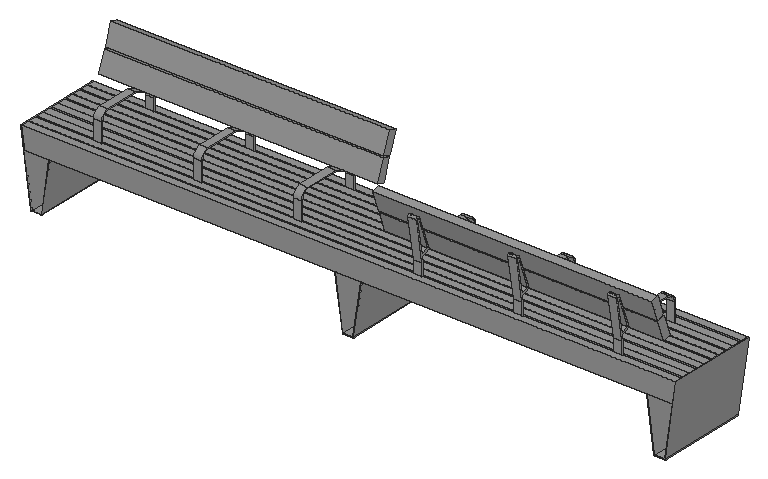
Revit family "22448 Скамейка стальная «Симпозиум» Хоббика", category Антураж, Revit 2018
Family settings
  На основе рабочей плоскости = Нет
  Всегда вертикально = Да
  При загрузке вырезать с полостями = Нет
  Источник визуального образа = Геометрия семейства
  Общий = Нет
  Точка расчета площади = Нет
Parameters (values of type "Версия 4,0 м (двухсторонняя, с подлокотниками и разделителями)")
  Ширина = 550 mm  # constant formula
  Цвет основания = Сталь
  Цвет лавки = Дерево
  Описание = if([Версия 2,0 м (без подлокотников)], "Скамейка стальная «Симпозиум». Версия 2,0 м без подлокотников", if([Версия 2,0 м (с подлокотниками)], "Скамейка стальная «Симпозиум». Версия 2,0 м с подлокотниками", if([Версия 2,0 м (с подлокотниками и разделителем)], "Скамейка стальная «Симпозиум». Версия 2,0 м с подлокотниками и разделителем", if([Версия 4,0 м (двухсторонняя, без подлокотников)], "Скамейка стальная «Симпозиум». Версия 4,0 м двухсторонняя, без подлокотников", if([Версия 4,0 м (двухсторонняя, с подлокотниками)], "Скамейка стальная «Симпозиум». Версия 4,0 м двухсторонняя, с подлокотниками", "Скамейка стальная «Симпозиум». Версия 4,0 м двухсторонняя, с подлокотниками и разделителями")))))  # "Скамейка стальная «Симпозиум». Версия 4,0 м двухсторонняя, с подлокотниками и разделителями"
  Материал изделия = "Сталь, дерево"  # constant formula
  Изображение типоразмера = Скамейка стальная «Симпозиум» 4,0 м Арт 22448 2П+Р.jpg
  Изготовитель = "ООО «Хоббика»"  # constant formula
  Длина = if(or([Версия 2,0 м (без подлокотников)], [Версия 2,0 м (с подлокотниками)], [Версия 2,0 м (с подлокотниками и разделителем)]), 2000 mm, 4000 mm)  # 4000 mm
  Группа модели = "Скамейки"  # constant formula
  Высота = 850 mm  # constant formula
  Версия 4,0 м (двухсторонняя, с подлокотниками) = no
  Версия 4,0 м (двухсторонняя, с подлокотниками и разделителями) = yes
  Версия 4,0 м (двухсторонняя, без подлокотников) = no
  Версия 2,0 м (с подлокотниками) = no
  Версия 2,0 м (с подлокотниками и разделителем) = no
  Версия 2,0 м (без подлокотников) = no
  Артикул товара = "Арт. 22448"  # constant formula
  URL = "https://hobbyka.ru/product/skameyka_so_spinkoy_simpozium/"
Types (7, lengths in mm): name | Описание | Изображение типоразмера | Длина | Версия 4,0 м (двухсторонняя, с подлокотниками) | Версия 4,0 м (двухсторонняя, с подлокотниками и разделителями) | Версия 4,0 м (двухсторонняя, без подлокотников) | Версия 2,0 м (с подлокотниками) | Версия 2,0 м (с подлокотниками и разделителем) | Версия 2,0 м (без подлокотников)
  (no name) | "Скамейка стальная «Симпозиум». Версия 4,0 м двухсторонняя, с подлокотниками и разделителями" | Скамейка стальная «Симпозиум» 4,0 м Арт 22448 2П+Р.jpg | 4000 | no | yes | no | no | no | no
  Версия 2,0 м (без подлокотников) | "Скамейка стальная «Симпозиум». Версия 2,0 м без подлокотников" | Скамейка стальная «Симпозиум» 2,0 м Арт 22448 БП.jpg | 2000 | no | no | no | no | no | yes
  Версия 2,0 м (с подлокотниками) | "Скамейка стальная «Симпозиум». Версия 2,0 м с подлокотниками" | Скамейка стальная «Симпозиум» 2,0 м Арт 22448 2П.jpg | 2000 | no | no | no | yes | no | no
  Версия 2,0 м (с подлокотниками и разделителем) | "Скамейка стальная «Симпозиум». Версия 2,0 м с подлокотниками и разделителем" | Скамейка стальная «Симпозиум» 2,0 м Арт 22448 2П+Р.jpg | 2000 | no | no | no | no | yes | no
  Версия 4,0 м (двухсторонняя, без подлокотников) | "Скамейка стальная «Симпозиум». Версия 4,0 м двухсторонняя, без подлокотников" | Скамейка стальная «Симпозиум» 4,0 м Арт 22448 БП.jpg | 4000 | no | no | yes | no | no | no
  Версия 4,0 м (двухсторонняя, с подлокотниками) | "Скамейка стальная «Симпозиум». Версия 4,0 м двухсторонняя, с подлокотниками" | Скамейка стальная «Симпозиум» 4,0 м Арт 22448 2П+Р.jpg | 4000 | yes | no | no | no | no | no
  Версия 4,0 м (двухсторонняя, с подлокотниками и разделителями) | "Скамейка стальная «Симпозиум». Версия 4,0 м двухсторонняя, с подлокотниками и разделителями" | Скамейка стальная «Симпозиум» 4,0 м Арт 22448 2П+Р.jpg | 4000 | no | yes | no | no | no | no
Reference planes
  plane 1 "По центру (Вперед/Назад)": y = 0
  plane 2: z = 0
  plane 3 "По центру (Влево/Вправо)": x = 0
  plane 4: x = 4000
  plane 5: y = 550
  plane 6: z = 850
Dimensions and locks
  "Длина": plane 3 "По центру (Влево/Вправо)" to plane 4
  "Ширина": plane 5 to plane 1 "По центру (Вперед/Назад)"
  "Высота": plane 6 to plane 2
  aligned and locked: level to plane 2
  aligned and locked: plane 1 "По центру (Вперед/Назад)" to nested 1
  aligned and locked: plane 3 "По центру (Влево/Вправо)" to nested 1
  aligned and locked: plane 1 "По центру (Вперед/Назад)" to nested 2
  aligned and locked: plane 3 "По центру (Влево/Вправо)" to nested 2
  aligned and locked: plane 1 "По центру (Вперед/Назад)" to nested 3
  aligned and locked: plane 3 "По центру (Влево/Вправо)" to nested 3
  aligned and locked: plane 1 "По центру (Вперед/Назад)" to nested 4
  aligned and locked: plane 3 "По центру (Влево/Вправо)" to nested 4
  aligned and locked: plane 1 "По центру (Вперед/Назад)" to nested 5
  aligned and locked: plane 3 "По центру (Влево/Вправо)" to nested 5
  aligned and locked: plane 1 "По центру (Вперед/Назад)" to nested 6
  aligned and locked: plane 3 "По центру (Влево/Вправо)" to nested 6
Nested families
  nested 1: "Скамейка стальная «Симпозиум» 2,0 м БП" at (0, 0, 0), visible <- "Версия 2,0 м (без подлокотников)", type "Скамейка стальная «Симпозиум» 2,0 м БП"
  nested 2: "Скамейка стальная «Симпозиум» 2,0 м 2П" at (0, 0, 0), visible <- "Версия 2,0 м (с подлокотниками)", type "Скамейка стальная «Симпозиум» 2,0 м 2П"
  nested 3: "Скамейка стальная «Симпозиум» 2,0 м 2П+Р" at (0, 0, 0), visible <- "Версия 2,0 м (с подлокотниками и разделителем)", type "Скамейка стальная «Симпозиум» 2,0 м 2П+Р"
  nested 4: "Скамейка стальная «Симпозиум» 4,0 м 2П" at (0, 0, 0), visible <- "Версия 4,0 м (двухсторонняя, с подлокотниками)", type "Скамейка стальная «Симпозиум» 4,0 м 2П"
  nested 5: "Скамейка стальная «Симпозиум» 4,0 м 2П+Р" at (0, 0, 0), visible <- "Версия 4,0 м (двухсторонняя, с подлокотниками и разделителями)", type "Скамейка стальная «Симпозиум» 4,0 м 2П+Р"
  nested 6: "Скамейка стальная «Симпозиум» 4,0 м БП" at (0, 0, 0), visible <- "Версия 4,0 м (двухсторонняя, без подлокотников)", type "Скамейка стальная «Симпозиум» 4,0 м БП"
Definition of nested family "Скамейка стальная «Симпозиум» 2,0 м БП"
  Parameters (values of type "Скамейка стальная «Симпозиум» 2,0 м БП")
    Цвет основания = none
    Цвет лавки = none
    Height = 0 mm
  Reference planes
    plane 1 "По центру (Вперед/Назад)": y = 0
    plane 2: z = 0
    plane 3 "По центру (Влево/Вправо)": x = 0
    plane 4: x = 2000
    plane 5: y = 550
    plane 6: z = 850
  Forms (mm)
    Extrusion 1, solid, material <- "Цвет основания"
      sketch origin (0, 0, 0) x (1, 0, 0) y (0, 0, 1)
        loop
          line (0, 450) -> (62.638, 4.304)
          arc (62.638, 4.304) -> (64.31, 1.226) -> (67.59, 0) r 5
          line (67.59, 0) -> (128.897, 0)
          arc (128.897, 0) -> (132.177, 1.226) -> (133.848, 4.304) r 5
          line (133.848, 4.304) -> (178.216, 320) -> (173.167, 320) -> (128.897, 5) -> (67.59, 5) -> (5.049, 450) -> (0, 450)
        loop
          line (2000, 450) -> (1994.951, 450) -> (1932.41, 5) -> (1871.103, 5) -> (1826.833, 320) -> (1821.784, 320) -> (1866.152, 4.304)
          arc (1866.152, 4.304) -> (1867.823, 1.226) -> (1871.103, 0) r 5
          line (1871.103, 0) -> (1932.41, 0)
          arc (1932.41, 0) -> (1935.69, 1.226) -> (1937.362, 4.304) r 5
          line (1937.362, 4.304) -> (2000, 450)
      from 0 to -550
    Extrusion 2, solid, material <- "Цвет лавки"
      sketch origin (0, 0, 0) x (1, 0, 0) y (0, 0, 1)
        loop
          line (5.049, 450) -> (23.319, 320) -> (1976.681, 320) -> (1994.951, 450) -> (5.049, 450)
      from 0 to -45
    Extrusion 3, solid, material <- "Цвет лавки"
      sketch origin (0, 0, 0) x (1, 0, 0) y (0, 0, 1)
        loop
          line (5.049, 450) -> (23.319, 320) -> (1976.681, 320) -> (1994.951, 450) -> (5.049, 450)
      from -56.111 to -101.111
    Extrusion 4, solid, material <- "Цвет лавки"
      sketch origin (0, 0, 0) x (1, 0, 0) y (0, 0, 1)
        loop
          line (5.049, 450) -> (23.319, 320) -> (1976.681, 320) -> (1994.951, 450) -> (5.049, 450)
      from -112.222 to -157.222
    Extrusion 5, solid, material <- "Цвет лавки"
      sketch origin (0, 0, 0) x (1, 0, 0) y (0, 0, 1)
        loop
          line (5.049, 450) -> (23.319, 320) -> (1976.681, 320) -> (1994.951, 450) -> (5.049, 450)
      from -168.333 to -213.333
    Extrusion 6, solid, material <- "Цвет лавки"
      sketch origin (0, 0, 0) x (1, 0, 0) y (0, 0, 1)
        loop
          line (5.049, 450) -> (23.319, 320) -> (1976.681, 320) -> (1994.951, 450) -> (5.049, 450)
      from -224.444 to -269.444
    Extrusion 7, solid, material <- "Цвет лавки"
      sketch origin (0, 0, 0) x (1, 0, 0) y (0, 0, 1)
        loop
          line (5.049, 450) -> (23.319, 320) -> (1976.681, 320) -> (1994.951, 450) -> (5.049, 450)
      from -280.556 to -325.556
    Extrusion 8, solid, material <- "Цвет лавки"
      sketch origin (0, 0, 0) x (1, 0, 0) y (0, 0, 1)
        loop
          line (5.049, 450) -> (23.319, 320) -> (1976.681, 320) -> (1994.951, 450) -> (5.049, 450)
      from -336.667 to -381.667
    Extrusion 9, solid
      sketch origin (0, 0, 0) x (1, 0, 0) y (0, 0, 1)
        loop
          line (5.049, 450) -> (23.319, 320) -> (1976.681, 320) -> (1994.951, 450) -> (5.049, 450)
      from -392.778 to -437.778
    Extrusion 10, solid, material <- "Цвет лавки"
      sketch origin (0, 0, 0) x (1, 0, 0) y (0, 0, 1)
        loop
          line (5.049, 450) -> (23.319, 320) -> (1976.681, 320) -> (1994.951, 450) -> (5.049, 450)
      from -448.889 to -493.889
    Extrusion 11, solid, material <- "Цвет лавки"
      sketch origin (0, 0, 0) x (1, 0, 0) y (0, 0, 1)
        loop
          line (5.049, 450) -> (23.319, 320) -> (1976.681, 320) -> (1994.951, 450) -> (5.049, 450)
      from -505 to -550
    Extrusion 12, solid, material <- "Цвет лавки"
      sketch origin (0, -154.124, 185.599) x (0, 0.939693, -0.34202) y (0, 0.34202, 0.939693)
        loop
          line (392.778, 850) -> (392.778, 720) -> (437.778, 720) -> (437.778, 850) -> (392.778, 850)
        loop
          line (392.778, 710) -> (392.778, 580) -> (437.778, 580) -> (437.778, 710) -> (392.778, 710)
      from 150 to 1850
    Extrusion 13, solid, material <- "Цвет основания"
      sketch origin (0, 6.111, 0) x (0, 1, 0) y (0, 0, 1)
        loop
          line (528.144, 782.309) -> (455.922, 583.88) -> (501.527, 567.282) -> (538.697, 778.084)
          arc (538.697, 778.084) -> (535.063, 784.299) -> (528.144, 782.309) r 5.865
        loop
          arc (543.637, 777.305) -> (536.599, 789.064) -> (523.65, 784.58) r 10.865
          line (523.65, 784.58) -> (449.513, 580.892) -> (500.645, 562.282) -> (493.889, 523.964) -> (493.889, 320) -> (498.889, 320) -> (498.889, 523.526) -> (543.637, 777.305)
      from 365 to 415
    Extrusion 14, solid, material <- "Цвет основания"
      sketch origin (0, 6.111, 0) x (0, 1, 0) y (0, 0, 1)
        loop
          arc (543.637, 777.305) -> (536.599, 789.064) -> (523.65, 784.58) r 10.865
          line (523.65, 784.58) -> (449.513, 580.892) -> (500.645, 562.282) -> (493.889, 523.964) -> (493.889, 320) -> (498.889, 320) -> (498.889, 523.526) -> (543.637, 777.305)
        loop
          line (528.144, 782.309) -> (455.922, 583.88) -> (501.527, 567.282) -> (538.697, 778.084)
          arc (538.697, 778.084) -> (535.063, 784.299) -> (528.144, 782.309) r 5.865
      from 975 to 1025
    Extrusion 15, solid, material <- "Цвет основания"
      sketch origin (0, 6.111, 0) x (0, 1, 0) y (0, 0, 1)
        loop
          arc (538.697, 778.084) -> (535.063, 784.299) -> (528.144, 782.309) r 5.865
          line (528.144, 782.309) -> (455.922, 583.88) -> (501.527, 567.282) -> (538.697, 778.084)
        loop
          line (493.889, 320) -> (498.889, 320) -> (498.889, 523.526) -> (543.637, 777.305)
          arc (543.637, 777.305) -> (536.599, 789.064) -> (523.65, 784.58) r 10.865
          line (523.65, 784.58) -> (449.513, 580.892) -> (500.645, 562.282) -> (493.889, 523.964) -> (493.889, 320)
      from 1585 to 1635
  Lines and regions (mm)
    symbolic lines
      curve 1: line (0, 0, 450) -> (0, 0, 690)
  Dimensions and locks
    plane 5 to plane 1 "По центру (Вперед/Назад)" = 550 mm
    plane 3 "По центру (Влево/Вправо)" to plane 4 = 2000 mm
    plane 6 to plane 2 = 850 mm
    aligned and locked: level to plane 2
Definition of nested family "Скамейка стальная «Симпозиум» 2,0 м 2П"
  Parameters (values of type "Скамейка стальная «Симпозиум» 2,0 м 2П")
    Цвет основания = none
    Цвет лавки = none
    Height = 0 mm
  Reference planes
    plane 1 "По центру (Вперед/Назад)": y = 0
    plane 2: z = 0
    plane 3 "По центру (Влево/Вправо)": x = 0
    plane 4: x = 2000
    plane 5: y = 550
    plane 6: z = 850
  Forms (mm)
    Extrusion 1, solid, material <- "Цвет основания"
      sketch origin (0, 0, 0) x (1, 0, 0) y (0, 0, 1)
        loop
          line (0, 450) -> (62.638, 4.304)
          arc (62.638, 4.304) -> (64.31, 1.226) -> (67.59, 0) r 5
          line (67.59, 0) -> (128.897, 0)
          arc (128.897, 0) -> (132.177, 1.226) -> (133.848, 4.304) r 5
          line (133.848, 4.304) -> (178.216, 320) -> (173.167, 320) -> (128.897, 5) -> (67.59, 5) -> (5.049, 450) -> (0, 450)
        loop
          line (2000, 450) -> (1994.951, 450) -> (1932.41, 5) -> (1871.103, 5) -> (1826.833, 320) -> (1821.784, 320) -> (1866.152, 4.304)
          arc (1866.152, 4.304) -> (1867.823, 1.226) -> (1871.103, 0) r 5
          line (1871.103, 0) -> (1932.41, 0)
          arc (1932.41, 0) -> (1935.69, 1.226) -> (1937.362, 4.304) r 5
          line (1937.362, 4.304) -> (2000, 450)
      from 0 to -550
    Extrusion 2, solid, material <- "Цвет лавки"
      sketch origin (0, 0, 0) x (1, 0, 0) y (0, 0, 1)
        loop
          line (5.049, 450) -> (23.319, 320) -> (1976.681, 320) -> (1994.951, 450) -> (5.049, 450)
      from 0 to -45
    Extrusion 3, solid, material <- "Цвет лавки"
      sketch origin (0, 0, 0) x (1, 0, 0) y (0, 0, 1)
        loop
          line (5.049, 450) -> (23.319, 320) -> (1976.681, 320) -> (1994.951, 450) -> (5.049, 450)
      from -56.111 to -101.111
    Extrusion 4, solid, material <- "Цвет лавки"
      sketch origin (0, 0, 0) x (1, 0, 0) y (0, 0, 1)
        loop
          line (5.049, 450) -> (23.319, 320) -> (1976.681, 320) -> (1994.951, 450) -> (5.049, 450)
      from -112.222 to -157.222
    Extrusion 5, solid, material <- "Цвет лавки"
      sketch origin (0, 0, 0) x (1, 0, 0) y (0, 0, 1)
        loop
          line (5.049, 450) -> (23.319, 320) -> (1976.681, 320) -> (1994.951, 450) -> (5.049, 450)
      from -168.333 to -213.333
    Extrusion 6, solid, material <- "Цвет лавки"
      sketch origin (0, 0, 0) x (1, 0, 0) y (0, 0, 1)
        loop
          line (5.049, 450) -> (23.319, 320) -> (1976.681, 320) -> (1994.951, 450) -> (5.049, 450)
      from -224.444 to -269.444
    Extrusion 7, solid, material <- "Цвет лавки"
      sketch origin (0, 0, 0) x (1, 0, 0) y (0, 0, 1)
        loop
          line (5.049, 450) -> (23.319, 320) -> (1976.681, 320) -> (1994.951, 450) -> (5.049, 450)
      from -280.556 to -325.556
    Extrusion 8, solid, material <- "Цвет лавки"
      sketch origin (0, 0, 0) x (1, 0, 0) y (0, 0, 1)
        loop
          line (5.049, 450) -> (23.319, 320) -> (1976.681, 320) -> (1994.951, 450) -> (5.049, 450)
      from -336.667 to -381.667
    Extrusion 9, solid
      sketch origin (0, 0, 0) x (1, 0, 0) y (0, 0, 1)
        loop
          line (5.049, 450) -> (23.319, 320) -> (1976.681, 320) -> (1994.951, 450) -> (5.049, 450)
      from -392.778 to -437.778
    Extrusion 10, solid, material <- "Цвет лавки"
      sketch origin (0, 0, 0) x (1, 0, 0) y (0, 0, 1)
        loop
          line (5.049, 450) -> (23.319, 320) -> (1976.681, 320) -> (1994.951, 450) -> (5.049, 450)
      from -448.889 to -493.889
    Extrusion 11, solid, material <- "Цвет лавки"
      sketch origin (0, 0, 0) x (1, 0, 0) y (0, 0, 1)
        loop
          line (5.049, 450) -> (23.319, 320) -> (1976.681, 320) -> (1994.951, 450) -> (5.049, 450)
      from -505 to -550
    Extrusion 12, solid, material <- "Цвет лавки"
      sketch origin (0, -154.124, 185.599) x (0, 0.939693, -0.34202) y (0, 0.34202, 0.939693)
        loop
          line (392.778, 850) -> (392.778, 720) -> (437.778, 720) -> (437.778, 850) -> (392.778, 850)
        loop
          line (392.778, 710) -> (392.778, 580) -> (437.778, 580) -> (437.778, 710) -> (392.778, 710)
      from 150 to 1850
    Extrusion 13, solid, material <- "Цвет основания"
      sketch origin (0, 6.111, 0) x (0, 1, 0) y (0, 0, 1)
        loop
          line (528.144, 782.309) -> (455.922, 583.88) -> (501.527, 567.282) -> (538.697, 778.084)
          arc (538.697, 778.084) -> (535.063, 784.299) -> (528.144, 782.309) r 5.865
        loop
          arc (543.637, 777.305) -> (536.599, 789.064) -> (523.65, 784.58) r 10.865
          line (523.65, 784.58) -> (449.513, 580.892) -> (356.631, 614.698)
          arc (356.631, 614.698) -> (355.789, 614.924) -> (354.921, 615) r 5
          line (354.921, 615) -> (145, 615)
          arc (145, 615) -> (109.645, 600.355) -> (95, 565) r 50
          line (95, 565) -> (95, 320) -> (100, 320) -> (100, 565)
          arc (100, 565) -> (113.18, 596.82) -> (145, 610) r 45
          line (145, 610) -> (354.921, 610) -> (499.764, 557.282) -> (493.889, 523.964) -> (493.889, 320) -> (498.889, 320) -> (498.889, 523.526) -> (543.637, 777.305)
      from 365 to 415
    Extrusion 14, solid, material <- "Цвет основания"
      sketch origin (0, 6.111, 0) x (0, 1, 0) y (0, 0, 1)
        loop
          arc (543.637, 777.305) -> (536.599, 789.064) -> (523.65, 784.58) r 10.865
          line (523.65, 784.58) -> (449.513, 580.892) -> (500.645, 562.282) -> (493.889, 523.964) -> (493.889, 320) -> (498.889, 320) -> (498.889, 523.526) -> (543.637, 777.305)
        loop
          line (528.144, 782.309) -> (455.922, 583.88) -> (501.527, 567.282) -> (538.697, 778.084)
          arc (538.697, 778.084) -> (535.063, 784.299) -> (528.144, 782.309) r 5.865
      from 975 to 1025
    Extrusion 15, solid, material <- "Цвет основания"
      sketch origin (0, 6.111, 0) x (0, 1, 0) y (0, 0, 1)
        loop
          line (354.921, 615) -> (145, 615)
          arc (145, 615) -> (109.645, 600.355) -> (95, 565) r 50
          line (95, 565) -> (95, 320) -> (100, 320) -> (100, 565)
          arc (100, 565) -> (113.18, 596.82) -> (145, 610) r 45
          line (145, 610) -> (354.921, 610) -> (499.764, 557.282) -> (493.889, 523.964) -> (493.889, 320) -> (498.889, 320) -> (498.889, 523.526) -> (543.637, 777.305)
          arc (543.637, 777.305) -> (536.599, 789.064) -> (523.65, 784.58) r 10.865
          line (523.65, 784.58) -> (449.513, 580.892) -> (356.631, 614.698)
          arc (356.631, 614.698) -> (355.789, 614.924) -> (354.921, 615) r 5
        loop
          line (455.922, 583.88) -> (501.527, 567.282) -> (538.697, 778.084)
          arc (538.697, 778.084) -> (535.063, 784.299) -> (528.144, 782.309) r 5.865
          line (528.144, 782.309) -> (455.922, 583.88)
      from 1585 to 1635
  Lines and regions (mm)
    symbolic lines
      curve 1: line (0, 0, 450) -> (0, 0, 690)
  Dimensions and locks
    plane 5 to plane 1 "По центру (Вперед/Назад)" = 550 mm
    plane 3 "По центру (Влево/Вправо)" to plane 4 = 2000 mm
    plane 6 to plane 2 = 850 mm
    aligned and locked: level to plane 2
Definition of nested family "Скамейка стальная «Симпозиум» 2,0 м 2П+Р"
  Parameters (values of type "Скамейка стальная «Симпозиум» 2,0 м 2П+Р")
    Цвет основания = none
    Цвет лавки = none
    Height = 0 mm
  Reference planes
    plane 1 "По центру (Вперед/Назад)": y = 0
    plane 2: z = 0
    plane 3 "По центру (Влево/Вправо)": x = 0
    plane 4: x = 2000
    plane 5: y = 550
    plane 6: z = 850
  Forms (mm)
    Extrusion 1, solid, material <- "Цвет основания"
      sketch origin (0, 0, 0) x (1, 0, 0) y (0, 0, 1)
        loop
          line (0, 450) -> (62.638, 4.304)
          arc (62.638, 4.304) -> (64.31, 1.226) -> (67.59, 0) r 5
          line (67.59, 0) -> (128.897, 0)
          arc (128.897, 0) -> (132.177, 1.226) -> (133.848, 4.304) r 5
          line (133.848, 4.304) -> (178.216, 320) -> (173.167, 320) -> (128.897, 5) -> (67.59, 5) -> (5.049, 450) -> (0, 450)
        loop
          line (2000, 450) -> (1994.951, 450) -> (1932.41, 5) -> (1871.103, 5) -> (1826.833, 320) -> (1821.784, 320) -> (1866.152, 4.304)
          arc (1866.152, 4.304) -> (1867.823, 1.226) -> (1871.103, 0) r 5
          line (1871.103, 0) -> (1932.41, 0)
          arc (1932.41, 0) -> (1935.69, 1.226) -> (1937.362, 4.304) r 5
          line (1937.362, 4.304) -> (2000, 450)
      from 0 to -550
    Extrusion 2, solid, material <- "Цвет лавки"
      sketch origin (0, 0, 0) x (1, 0, 0) y (0, 0, 1)
        loop
          line (5.049, 450) -> (23.319, 320) -> (1976.681, 320) -> (1994.951, 450) -> (5.049, 450)
      from 0 to -45
    Extrusion 3, solid, material <- "Цвет лавки"
      sketch origin (0, 0, 0) x (1, 0, 0) y (0, 0, 1)
        loop
          line (5.049, 450) -> (23.319, 320) -> (1976.681, 320) -> (1994.951, 450) -> (5.049, 450)
      from -56.111 to -101.111
    Extrusion 4, solid, material <- "Цвет лавки"
      sketch origin (0, 0, 0) x (1, 0, 0) y (0, 0, 1)
        loop
          line (5.049, 450) -> (23.319, 320) -> (1976.681, 320) -> (1994.951, 450) -> (5.049, 450)
      from -112.222 to -157.222
    Extrusion 5, solid, material <- "Цвет лавки"
      sketch origin (0, 0, 0) x (1, 0, 0) y (0, 0, 1)
        loop
          line (5.049, 450) -> (23.319, 320) -> (1976.681, 320) -> (1994.951, 450) -> (5.049, 450)
      from -168.333 to -213.333
    Extrusion 6, solid, material <- "Цвет лавки"
      sketch origin (0, 0, 0) x (1, 0, 0) y (0, 0, 1)
        loop
          line (5.049, 450) -> (23.319, 320) -> (1976.681, 320) -> (1994.951, 450) -> (5.049, 450)
      from -224.444 to -269.444
    Extrusion 7, solid, material <- "Цвет лавки"
      sketch origin (0, 0, 0) x (1, 0, 0) y (0, 0, 1)
        loop
          line (5.049, 450) -> (23.319, 320) -> (1976.681, 320) -> (1994.951, 450) -> (5.049, 450)
      from -280.556 to -325.556
    Extrusion 8, solid, material <- "Цвет лавки"
      sketch origin (0, 0, 0) x (1, 0, 0) y (0, 0, 1)
        loop
          line (5.049, 450) -> (23.319, 320) -> (1976.681, 320) -> (1994.951, 450) -> (5.049, 450)
      from -336.667 to -381.667
    Extrusion 9, solid
      sketch origin (0, 0, 0) x (1, 0, 0) y (0, 0, 1)
        loop
          line (5.049, 450) -> (23.319, 320) -> (1976.681, 320) -> (1994.951, 450) -> (5.049, 450)
      from -392.778 to -437.778
    Extrusion 10, solid, material <- "Цвет лавки"
      sketch origin (0, 0, 0) x (1, 0, 0) y (0, 0, 1)
        loop
          line (5.049, 450) -> (23.319, 320) -> (1976.681, 320) -> (1994.951, 450) -> (5.049, 450)
      from -448.889 to -493.889
    Extrusion 11, solid, material <- "Цвет лавки"
      sketch origin (0, 0, 0) x (1, 0, 0) y (0, 0, 1)
        loop
          line (5.049, 450) -> (23.319, 320) -> (1976.681, 320) -> (1994.951, 450) -> (5.049, 450)
      from -505 to -550
    Extrusion 12, solid, material <- "Цвет лавки"
      sketch origin (0, -154.124, 185.599) x (0, 0.939693, -0.34202) y (0, 0.34202, 0.939693)
        loop
          line (392.778, 850) -> (392.778, 720) -> (437.778, 720) -> (437.778, 850) -> (392.778, 850)
        loop
          line (392.778, 710) -> (392.778, 580) -> (437.778, 580) -> (437.778, 710) -> (392.778, 710)
      from 150 to 1850
    Extrusion 13, solid, material <- "Цвет основания"
      sketch origin (0, 6.111, 0) x (0, 1, 0) y (0, 0, 1)
        loop
          line (528.144, 782.309) -> (455.922, 583.88) -> (501.527, 567.282) -> (538.697, 778.084)
          arc (538.697, 778.084) -> (535.063, 784.299) -> (528.144, 782.309) r 5.865
        loop
          arc (543.637, 777.305) -> (536.599, 789.064) -> (523.65, 784.58) r 10.865
          line (523.65, 784.58) -> (449.513, 580.892) -> (356.631, 614.698)
          arc (356.631, 614.698) -> (355.789, 614.924) -> (354.921, 615) r 5
          line (354.921, 615) -> (145, 615)
          arc (145, 615) -> (109.645, 600.355) -> (95, 565) r 50
          line (95, 565) -> (95, 320) -> (100, 320) -> (100, 565)
          arc (100, 565) -> (113.18, 596.82) -> (145, 610) r 45
          line (145, 610) -> (354.921, 610) -> (499.764, 557.282) -> (493.889, 523.964) -> (493.889, 320) -> (498.889, 320) -> (498.889, 523.526) -> (543.637, 777.305)
      from 365 to 415
    Extrusion 14, solid, material <- "Цвет основания"
      sketch origin (0, 6.111, 0) x (0, 1, 0) y (0, 0, 1)
        loop
          line (528.144, 782.309) -> (455.922, 583.88) -> (501.527, 567.282) -> (538.697, 778.084)
          arc (538.697, 778.084) -> (535.063, 784.299) -> (528.144, 782.309) r 5.865
        loop
          arc (145, 615) -> (109.645, 600.355) -> (95, 565) r 50
          line (95, 565) -> (95, 320) -> (100, 320) -> (100, 565)
          arc (100, 565) -> (113.18, 596.82) -> (145, 610) r 45
          line (145, 610) -> (354.921, 610) -> (499.764, 557.282) -> (493.889, 523.964) -> (493.889, 320) -> (498.889, 320) -> (498.889, 523.526) -> (543.637, 777.305)
          arc (543.637, 777.305) -> (536.599, 789.064) -> (523.65, 784.58) r 10.865
          line (523.65, 784.58) -> (449.513, 580.892) -> (356.631, 614.698)
          arc (356.631, 614.698) -> (355.789, 614.924) -> (354.921, 615) r 5
          line (354.921, 615) -> (145, 615)
      from 975 to 1025
    Extrusion 15, solid, material <- "Цвет основания"
      sketch origin (0, 6.111, 0) x (0, 1, 0) y (0, 0, 1)
        loop
          line (354.921, 615) -> (145, 615)
          arc (145, 615) -> (109.645, 600.355) -> (95, 565) r 50
          line (95, 565) -> (95, 320) -> (100, 320) -> (100, 565)
          arc (100, 565) -> (113.18, 596.82) -> (145, 610) r 45
          line (145, 610) -> (354.921, 610) -> (499.764, 557.282) -> (493.889, 523.964) -> (493.889, 320) -> (498.889, 320) -> (498.889, 523.526) -> (543.637, 777.305)
          arc (543.637, 777.305) -> (536.599, 789.064) -> (523.65, 784.58) r 10.865
          line (523.65, 784.58) -> (449.513, 580.892) -> (356.631, 614.698)
          arc (356.631, 614.698) -> (355.789, 614.924) -> (354.921, 615) r 5
        loop
          line (455.922, 583.88) -> (501.527, 567.282) -> (538.697, 778.084)
          arc (538.697, 778.084) -> (535.063, 784.299) -> (528.144, 782.309) r 5.865
          line (528.144, 782.309) -> (455.922, 583.88)
      from 1585 to 1635
  Lines and regions (mm)
    symbolic lines
      curve 1: line (0, 0, 450) -> (0, 0, 690)
  Dimensions and locks
    plane 5 to plane 1 "По центру (Вперед/Назад)" = 550 mm
    plane 3 "По центру (Влево/Вправо)" to plane 4 = 2000 mm
    plane 6 to plane 2 = 850 mm
    aligned and locked: level to plane 2
Definition of nested family "Скамейка стальная «Симпозиум» 4,0 м 2П"
  Parameters (values of type "Скамейка стальная «Симпозиум» 4,0 м 2П")
    Цвет основания = none
    Цвет лавки = none
    Height = 0 mm
  Reference planes
    plane 1 "По центру (Вперед/Назад)": y = 0
    plane 2: z = 0
    plane 3 "По центру (Влево/Вправо)": x = 0
    plane 4: x = 4000
    plane 5: y = 550
    plane 6: z = 850
  Forms (mm)
    Extrusion 1, solid, material <- "Цвет основания"
      sketch origin (0, 0, 0) x (1, 0, 0) y (0, 0, 1)
        loop
          line (0, 450) -> (62.638, 4.304)
          arc (62.638, 4.304) -> (64.31, 1.226) -> (67.59, 0) r 5
          line (67.59, 0) -> (128.897, 0)
          arc (128.897, 0) -> (132.177, 1.226) -> (133.848, 4.304) r 5
          line (133.848, 4.304) -> (178.216, 320) -> (173.167, 320) -> (128.897, 5) -> (67.59, 5) -> (5.049, 450) -> (0, 450)
        loop
          line (2079.973, 320) -> (2074.924, 320) -> (2030.654, 5) -> (1969.346, 5) -> (1925.076, 320) -> (1920.027, 320) -> (1964.395, 4.304)
          arc (1964.395, 4.304) -> (1966.066, 1.226) -> (1969.346, 0) r 5
          line (1969.346, 0) -> (2030.654, 0)
          arc (2030.654, 0) -> (2033.934, 1.226) -> (2035.605, 4.304) r 5
          line (2035.605, 4.304) -> (2079.973, 320)
        loop
          line (4000, 450) -> (3994.951, 450) -> (3932.41, 5) -> (3871.103, 5) -> (3826.833, 320) -> (3821.784, 320) -> (3866.152, 4.304)
          arc (3866.152, 4.304) -> (3867.823, 1.226) -> (3871.103, 0) r 5
          line (3871.103, 0) -> (3932.41, 0)
          arc (3932.41, 0) -> (3935.69, 1.226) -> (3937.362, 4.304) r 5
          line (3937.362, 4.304) -> (4000, 450)
      from 0 to -550
    Extrusion 2, solid, material <- "Цвет лавки"
      sketch origin (0, 0, 0) x (1, 0, 0) y (0, 0, 1)
        loop
          line (5.049, 450) -> (23.319, 320) -> (3976.681, 320) -> (3994.951, 450) -> (5.049, 450)
      from 0 to -45
    Extrusion 3, solid, material <- "Цвет лавки"
      sketch origin (0, 0, 0) x (1, 0, 0) y (0, 0, 1)
        loop
          line (5.049, 450) -> (23.319, 320) -> (3976.681, 320) -> (3994.951, 450) -> (5.049, 450)
      from -56.111 to -101.111
    Extrusion 4, solid, material <- "Цвет лавки"
      sketch origin (0, 0, 0) x (1, 0, 0) y (0, 0, 1)
        loop
          line (5.049, 450) -> (23.319, 320) -> (3976.681, 320) -> (3994.951, 450) -> (5.049, 450)
      from -112.222 to -157.222
    Extrusion 5, solid, material <- "Цвет лавки"
      sketch origin (0, 0, 0) x (1, 0, 0) y (0, 0, 1)
        loop
          line (5.049, 450) -> (23.319, 320) -> (3976.681, 320) -> (3994.951, 450) -> (5.049, 450)
      from -168.333 to -213.333
    Extrusion 6, solid, material <- "Цвет лавки"
      sketch origin (0, 0, 0) x (1, 0, 0) y (0, 0, 1)
        loop
          line (5.049, 450) -> (23.319, 320) -> (3976.681, 320) -> (3994.951, 450) -> (5.049, 450)
      from -224.444 to -269.444
    Extrusion 7, solid, material <- "Цвет лавки"
      sketch origin (0, 0, 0) x (1, 0, 0) y (0, 0, 1)
        loop
          line (5.049, 450) -> (23.319, 320) -> (3976.681, 320) -> (3994.951, 450) -> (5.049, 450)
      from -280.556 to -325.556
    Extrusion 8, solid, material <- "Цвет лавки"
      sketch origin (0, 0, 0) x (1, 0, 0) y (0, 0, 1)
        loop
          line (5.049, 450) -> (23.319, 320) -> (3976.681, 320) -> (3994.951, 450) -> (5.049, 450)
      from -336.667 to -381.667
    Extrusion 9, solid
      sketch origin (0, 0, 0) x (1, 0, 0) y (0, 0, 1)
        loop
          line (5.049, 450) -> (23.319, 320) -> (3976.681, 320) -> (3994.951, 450) -> (5.049, 450)
      from -392.778 to -437.778
    Extrusion 10, solid, material <- "Цвет лавки"
      sketch origin (0, 0, 0) x (1, 0, 0) y (0, 0, 1)
        loop
          line (5.049, 450) -> (23.319, 320) -> (3976.681, 320) -> (3994.951, 450) -> (5.049, 450)
      from -448.889 to -493.889
    Extrusion 11, solid, material <- "Цвет лавки"
      sketch origin (0, 0, 0) x (1, 0, 0) y (0, 0, 1)
        loop
          line (5.049, 450) -> (23.319, 320) -> (3976.681, 320) -> (3994.951, 450) -> (5.049, 450)
      from -505 to -550
    Extrusion 12, solid, material <- "Цвет лавки"
      sketch origin (0, -154.124, 185.599) x (0, 0.939693, -0.34202) y (0, 0.34202, 0.939693)
        loop
          line (392.778, 850) -> (392.778, 720) -> (437.778, 720) -> (437.778, 850) -> (392.778, 850)
        loop
          line (392.778, 710) -> (392.778, 580) -> (437.778, 580) -> (437.778, 710) -> (392.778, 710)
      from 150 to 1850
    Extrusion 13, solid, material <- "Цвет основания"
      sketch origin (0, 6.111, 0) x (0, 1, 0) y (0, 0, 1)
        loop
          line (528.144, 782.309) -> (455.922, 583.88) -> (501.527, 567.282) -> (538.697, 778.084)
          arc (538.697, 778.084) -> (535.063, 784.299) -> (528.144, 782.309) r 5.865
        loop
          arc (543.637, 777.305) -> (536.599, 789.064) -> (523.65, 784.58) r 10.865
          line (523.65, 784.58) -> (449.513, 580.892) -> (356.631, 614.698)
          arc (356.631, 614.698) -> (355.789, 614.924) -> (354.921, 615) r 5
          line (354.921, 615) -> (145, 615)
          arc (145, 615) -> (109.645, 600.355) -> (95, 565) r 50
          line (95, 565) -> (95, 320) -> (100, 320) -> (100, 565)
          arc (100, 565) -> (113.18, 596.82) -> (145, 610) r 45
          line (145, 610) -> (354.921, 610) -> (499.764, 557.282) -> (493.889, 523.964) -> (493.889, 320) -> (498.889, 320) -> (498.889, 523.526) -> (543.637, 777.305)
      from 365 to 415
    Extrusion 14, solid, material <- "Цвет основания"
      sketch origin (0, 6.111, 0) x (0, 1, 0) y (0, 0, 1)
        loop
          line (528.144, 782.309) -> (455.922, 583.88) -> (501.527, 567.282) -> (538.697, 778.084)
          arc (538.697, 778.084) -> (535.063, 784.299) -> (528.144, 782.309) r 5.865
        loop
          line (449.513, 580.892) -> (500.645, 562.282) -> (493.889, 523.964) -> (493.889, 320) -> (498.889, 320) -> (498.889, 523.526) -> (543.637, 777.305)
          arc (543.637, 777.305) -> (536.599, 789.064) -> (523.65, 784.58) r 10.865
          line (523.65, 784.58) -> (449.513, 580.892)
      from 975 to 1025
    Extrusion 15, solid, material <- "Цвет основания"
      sketch origin (0, 6.111, 0) x (0, 1, 0) y (0, 0, 1)
        loop
          line (354.921, 615) -> (145, 615)
          arc (145, 615) -> (109.645, 600.355) -> (95, 565) r 50
          line (95, 565) -> (95, 320) -> (100, 320) -> (100, 565)
          arc (100, 565) -> (113.18, 596.82) -> (145, 610) r 45
          line (145, 610) -> (354.921, 610) -> (499.764, 557.282) -> (493.889, 523.964) -> (493.889, 320) -> (498.889, 320) -> (498.889, 523.526) -> (543.637, 777.305)
          arc (543.637, 777.305) -> (536.599, 789.064) -> (523.65, 784.58) r 10.865
          line (523.65, 784.58) -> (449.513, 580.892) -> (356.631, 614.698)
          arc (356.631, 614.698) -> (355.789, 614.924) -> (354.921, 615) r 5
        loop
          line (455.922, 583.88) -> (501.527, 567.282) -> (538.697, 778.084)
          arc (538.697, 778.084) -> (535.063, 784.299) -> (528.144, 782.309) r 5.865
          line (528.144, 782.309) -> (455.922, 583.88)
      from 1585 to 1635
    Extrusion 16, solid, material <- "Цвет лавки"
      sketch origin (4000, 704.124, 185.599) x (0, -0.939693, -0.34202) y (0, -0.34202, 0.939693)
        loop
          line (392.778, 850) -> (392.778, 720) -> (437.778, 720) -> (437.778, 850) -> (392.778, 850)
        loop
          line (392.778, 710) -> (392.778, 580) -> (437.778, 580) -> (437.778, 710) -> (392.778, 710)
      from 150 to 1850
    Extrusion 17, solid, material <- "Цвет основания"
      sketch origin (4000, 543.889, 0) x (0, -1, 0) y (0, 0, 1)
        loop
          line (528.144, 782.309) -> (455.922, 583.88) -> (501.527, 567.282) -> (538.697, 778.084)
          arc (538.697, 778.084) -> (535.063, 784.299) -> (528.144, 782.309) r 5.865
        loop
          arc (543.637, 777.305) -> (536.599, 789.064) -> (523.65, 784.58) r 10.865
          line (523.65, 784.58) -> (449.513, 580.892) -> (356.631, 614.698)
          arc (356.631, 614.698) -> (355.789, 614.924) -> (354.921, 615) r 5
          line (354.921, 615) -> (145, 615)
          arc (145, 615) -> (109.645, 600.355) -> (95, 565) r 50
          line (95, 565) -> (95, 320) -> (100, 320) -> (100, 565)
          arc (100, 565) -> (113.18, 596.82) -> (145, 610) r 45
          line (145, 610) -> (354.921, 610) -> (499.764, 557.282) -> (493.889, 523.964) -> (493.889, 320) -> (498.889, 320) -> (498.889, 523.526) -> (543.637, 777.305)
      from 365 to 415
    Extrusion 18, solid, material <- "Цвет основания"
      sketch origin (4000, 543.889, 0) x (0, -1, 0) y (0, 0, 1)
        loop
          line (528.144, 782.309) -> (455.922, 583.88) -> (501.527, 567.282) -> (538.697, 778.084)
          arc (538.697, 778.084) -> (535.063, 784.299) -> (528.144, 782.309) r 5.865
        loop
          line (449.513, 580.892) -> (500.645, 562.282) -> (493.889, 523.964) -> (493.889, 320) -> (498.889, 320) -> (498.889, 523.526) -> (543.637, 777.305)
          arc (543.637, 777.305) -> (536.599, 789.064) -> (523.65, 784.58) r 10.865
          line (523.65, 784.58) -> (449.513, 580.892)
      from 975 to 1025
    Extrusion 19, solid, material <- "Цвет основания"
      sketch origin (4000, 543.889, 0) x (0, -1, 0) y (0, 0, 1)
        loop
          line (354.921, 615) -> (145, 615)
          arc (145, 615) -> (109.645, 600.355) -> (95, 565) r 50
          line (95, 565) -> (95, 320) -> (100, 320) -> (100, 565)
          arc (100, 565) -> (113.18, 596.82) -> (145, 610) r 45
          line (145, 610) -> (354.921, 610) -> (499.764, 557.282) -> (493.889, 523.964) -> (493.889, 320) -> (498.889, 320) -> (498.889, 523.526) -> (543.637, 777.305)
          arc (543.637, 777.305) -> (536.599, 789.064) -> (523.65, 784.58) r 10.865
          line (523.65, 784.58) -> (449.513, 580.892) -> (356.631, 614.698)
          arc (356.631, 614.698) -> (355.789, 614.924) -> (354.921, 615) r 5
        loop
          line (455.922, 583.88) -> (501.527, 567.282) -> (538.697, 778.084)
          arc (538.697, 778.084) -> (535.063, 784.299) -> (528.144, 782.309) r 5.865
          line (528.144, 782.309) -> (455.922, 583.88)
      from 1585 to 1635
  Lines and regions (mm)
    symbolic lines
      curve 1: line (0, 0, 450) -> (0, 0, 690)
  Dimensions and locks
    plane 5 to plane 1 "По центру (Вперед/Назад)" = 550 mm
    plane 3 "По центру (Влево/Вправо)" to plane 4 = 4000 mm
    plane 6 to plane 2 = 850 mm
    aligned and locked: level to plane 2
Definition of nested family "Скамейка стальная «Симпозиум» 4,0 м 2П+Р"
  Parameters (values of type "Скамейка стальная «Симпозиум» 4,0 м 2П+Р")
    Цвет основания = none
    Цвет лавки = none
    Height = 0 mm
  Reference planes
    plane 1 "По центру (Вперед/Назад)": y = 0
    plane 2: z = 0
    plane 3 "По центру (Влево/Вправо)": x = 0
    plane 4: x = 4000
    plane 5: y = 550
    plane 6: z = 850
  Forms (mm)
    Extrusion 1, solid, material <- "Цвет основания"
      sketch origin (0, 0, 0) x (1, 0, 0) y (0, 0, 1)
        loop
          line (0, 450) -> (62.638, 4.304)
          arc (62.638, 4.304) -> (64.31, 1.226) -> (67.59, 0) r 5
          line (67.59, 0) -> (128.897, 0)
          arc (128.897, 0) -> (132.177, 1.226) -> (133.848, 4.304) r 5
          line (133.848, 4.304) -> (178.216, 320) -> (173.167, 320) -> (128.897, 5) -> (67.59, 5) -> (5.049, 450) -> (0, 450)
        loop
          line (2079.973, 320) -> (2074.924, 320) -> (2030.654, 5) -> (1969.346, 5) -> (1925.076, 320) -> (1920.027, 320) -> (1964.395, 4.304)
          arc (1964.395, 4.304) -> (1966.066, 1.226) -> (1969.346, 0) r 5
          line (1969.346, 0) -> (2030.654, 0)
          arc (2030.654, 0) -> (2033.934, 1.226) -> (2035.605, 4.304) r 5
          line (2035.605, 4.304) -> (2079.973, 320)
        loop
          line (4000, 450) -> (3994.951, 450) -> (3932.41, 5) -> (3871.103, 5) -> (3826.833, 320) -> (3821.784, 320) -> (3866.152, 4.304)
          arc (3866.152, 4.304) -> (3867.823, 1.226) -> (3871.103, 0) r 5
          line (3871.103, 0) -> (3932.41, 0)
          arc (3932.41, 0) -> (3935.69, 1.226) -> (3937.362, 4.304) r 5
          line (3937.362, 4.304) -> (4000, 450)
      from 0 to -550
    Extrusion 2, solid, material <- "Цвет лавки"
      sketch origin (0, 0, 0) x (1, 0, 0) y (0, 0, 1)
        loop
          line (5.049, 450) -> (23.319, 320) -> (3976.681, 320) -> (3994.951, 450) -> (5.049, 450)
      from 0 to -45
    Extrusion 3, solid, material <- "Цвет лавки"
      sketch origin (0, 0, 0) x (1, 0, 0) y (0, 0, 1)
        loop
          line (5.049, 450) -> (23.319, 320) -> (3976.681, 320) -> (3994.951, 450) -> (5.049, 450)
      from -56.111 to -101.111
    Extrusion 4, solid, material <- "Цвет лавки"
      sketch origin (0, 0, 0) x (1, 0, 0) y (0, 0, 1)
        loop
          line (5.049, 450) -> (23.319, 320) -> (3976.681, 320) -> (3994.951, 450) -> (5.049, 450)
      from -112.222 to -157.222
    Extrusion 5, solid, material <- "Цвет лавки"
      sketch origin (0, 0, 0) x (1, 0, 0) y (0, 0, 1)
        loop
          line (5.049, 450) -> (23.319, 320) -> (3976.681, 320) -> (3994.951, 450) -> (5.049, 450)
      from -168.333 to -213.333
    Extrusion 6, solid, material <- "Цвет лавки"
      sketch origin (0, 0, 0) x (1, 0, 0) y (0, 0, 1)
        loop
          line (5.049, 450) -> (23.319, 320) -> (3976.681, 320) -> (3994.951, 450) -> (5.049, 450)
      from -224.444 to -269.444
    Extrusion 7, solid, material <- "Цвет лавки"
      sketch origin (0, 0, 0) x (1, 0, 0) y (0, 0, 1)
        loop
          line (5.049, 450) -> (23.319, 320) -> (3976.681, 320) -> (3994.951, 450) -> (5.049, 450)
      from -280.556 to -325.556
    Extrusion 8, solid, material <- "Цвет лавки"
      sketch origin (0, 0, 0) x (1, 0, 0) y (0, 0, 1)
        loop
          line (5.049, 450) -> (23.319, 320) -> (3976.681, 320) -> (3994.951, 450) -> (5.049, 450)
      from -336.667 to -381.667
    Extrusion 9, solid
      sketch origin (0, 0, 0) x (1, 0, 0) y (0, 0, 1)
        loop
          line (5.049, 450) -> (23.319, 320) -> (3976.681, 320) -> (3994.951, 450) -> (5.049, 450)
      from -392.778 to -437.778
    Extrusion 10, solid, material <- "Цвет лавки"
      sketch origin (0, 0, 0) x (1, 0, 0) y (0, 0, 1)
        loop
          line (5.049, 450) -> (23.319, 320) -> (3976.681, 320) -> (3994.951, 450) -> (5.049, 450)
      from -448.889 to -493.889
    Extrusion 11, solid, material <- "Цвет лавки"
      sketch origin (0, 0, 0) x (1, 0, 0) y (0, 0, 1)
        loop
          line (5.049, 450) -> (23.319, 320) -> (3976.681, 320) -> (3994.951, 450) -> (5.049, 450)
      from -505 to -550
    Extrusion 12, solid, material <- "Цвет лавки"
      sketch origin (0, -154.124, 185.599) x (0, 0.939693, -0.34202) y (0, 0.34202, 0.939693)
        loop
          line (392.778, 850) -> (392.778, 720) -> (437.778, 720) -> (437.778, 850) -> (392.778, 850)
        loop
          line (392.778, 710) -> (392.778, 580) -> (437.778, 580) -> (437.778, 710) -> (392.778, 710)
      from 150 to 1850
    Extrusion 13, solid, material <- "Цвет основания"
      sketch origin (0, 6.111, 0) x (0, 1, 0) y (0, 0, 1)
        loop
          line (528.144, 782.309) -> (455.922, 583.88) -> (501.527, 567.282) -> (538.697, 778.084)
          arc (538.697, 778.084) -> (535.063, 784.299) -> (528.144, 782.309) r 5.865
        loop
          arc (543.637, 777.305) -> (536.599, 789.064) -> (523.65, 784.58) r 10.865
          line (523.65, 784.58) -> (449.513, 580.892) -> (356.631, 614.698)
          arc (356.631, 614.698) -> (355.789, 614.924) -> (354.921, 615) r 5
          line (354.921, 615) -> (145, 615)
          arc (145, 615) -> (109.645, 600.355) -> (95, 565) r 50
          line (95, 565) -> (95, 320) -> (100, 320) -> (100, 565)
          arc (100, 565) -> (113.18, 596.82) -> (145, 610) r 45
          line (145, 610) -> (354.921, 610) -> (499.764, 557.282) -> (493.889, 523.964) -> (493.889, 320) -> (498.889, 320) -> (498.889, 523.526) -> (543.637, 777.305)
      from 365 to 415
    Extrusion 14, solid, material <- "Цвет основания"
      sketch origin (0, 6.111, 0) x (0, 1, 0) y (0, 0, 1)
        loop
          line (528.144, 782.309) -> (455.922, 583.88) -> (501.527, 567.282) -> (538.697, 778.084)
          arc (538.697, 778.084) -> (535.063, 784.299) -> (528.144, 782.309) r 5.865
        loop
          arc (145, 615) -> (109.645, 600.355) -> (95, 565) r 50
          line (95, 565) -> (95, 320) -> (100, 320) -> (100, 565)
          arc (100, 565) -> (113.18, 596.82) -> (145, 610) r 45
          line (145, 610) -> (354.921, 610) -> (499.764, 557.282) -> (493.889, 523.964) -> (493.889, 320) -> (498.889, 320) -> (498.889, 523.526) -> (543.637, 777.305)
          arc (543.637, 777.305) -> (536.599, 789.064) -> (523.65, 784.58) r 10.865
          line (523.65, 784.58) -> (449.513, 580.892) -> (356.631, 614.698)
          arc (356.631, 614.698) -> (355.789, 614.924) -> (354.921, 615) r 5
          line (354.921, 615) -> (145, 615)
      from 975 to 1025
    Extrusion 15, solid, material <- "Цвет основания"
      sketch origin (0, 6.111, 0) x (0, 1, 0) y (0, 0, 1)
        loop
          line (354.921, 615) -> (145, 615)
          arc (145, 615) -> (109.645, 600.355) -> (95, 565) r 50
          line (95, 565) -> (95, 320) -> (100, 320) -> (100, 565)
          arc (100, 565) -> (113.18, 596.82) -> (145, 610) r 45
          line (145, 610) -> (354.921, 610) -> (499.764, 557.282) -> (493.889, 523.964) -> (493.889, 320) -> (498.889, 320) -> (498.889, 523.526) -> (543.637, 777.305)
          arc (543.637, 777.305) -> (536.599, 789.064) -> (523.65, 784.58) r 10.865
          line (523.65, 784.58) -> (449.513, 580.892) -> (356.631, 614.698)
          arc (356.631, 614.698) -> (355.789, 614.924) -> (354.921, 615) r 5
        loop
          line (455.922, 583.88) -> (501.527, 567.282) -> (538.697, 778.084)
          arc (538.697, 778.084) -> (535.063, 784.299) -> (528.144, 782.309) r 5.865
          line (528.144, 782.309) -> (455.922, 583.88)
      from 1585 to 1635
    Extrusion 16, solid, material <- "Цвет лавки"
      sketch origin (4000, 704.124, 185.599) x (0, -0.939693, -0.34202) y (0, -0.34202, 0.939693)
        loop
          line (392.778, 850) -> (392.778, 720) -> (437.778, 720) -> (437.778, 850) -> (392.778, 850)
        loop
          line (392.778, 710) -> (392.778, 580) -> (437.778, 580) -> (437.778, 710) -> (392.778, 710)
      from 150 to 1850
    Extrusion 17, solid, material <- "Цвет основания"
      sketch origin (4000, 543.889, 0) x (0, -1, 0) y (0, 0, 1)
        loop
          line (528.144, 782.309) -> (455.922, 583.88) -> (501.527, 567.282) -> (538.697, 778.084)
          arc (538.697, 778.084) -> (535.063, 784.299) -> (528.144, 782.309) r 5.865
        loop
          arc (543.637, 777.305) -> (536.599, 789.064) -> (523.65, 784.58) r 10.865
          line (523.65, 784.58) -> (449.513, 580.892) -> (356.631, 614.698)
          arc (356.631, 614.698) -> (355.789, 614.924) -> (354.921, 615) r 5
          line (354.921, 615) -> (145, 615)
          arc (145, 615) -> (109.645, 600.355) -> (95, 565) r 50
          line (95, 565) -> (95, 320) -> (100, 320) -> (100, 565)
          arc (100, 565) -> (113.18, 596.82) -> (145, 610) r 45
          line (145, 610) -> (354.921, 610) -> (499.764, 557.282) -> (493.889, 523.964) -> (493.889, 320) -> (498.889, 320) -> (498.889, 523.526) -> (543.637, 777.305)
      from 365 to 415
    Extrusion 18, solid, material <- "Цвет основания"
      sketch origin (4000, 543.889, 0) x (0, -1, 0) y (0, 0, 1)
        loop
          line (528.144, 782.309) -> (455.922, 583.88) -> (501.527, 567.282) -> (538.697, 778.084)
          arc (538.697, 778.084) -> (535.063, 784.299) -> (528.144, 782.309) r 5.865
        loop
          arc (145, 615) -> (109.645, 600.355) -> (95, 565) r 50
          line (95, 565) -> (95, 320) -> (100, 320) -> (100, 565)
          arc (100, 565) -> (113.18, 596.82) -> (145, 610) r 45
          line (145, 610) -> (354.921, 610) -> (499.764, 557.282) -> (493.889, 523.964) -> (493.889, 320) -> (498.889, 320) -> (498.889, 523.526) -> (543.637, 777.305)
          arc (543.637, 777.305) -> (536.599, 789.064) -> (523.65, 784.58) r 10.865
          line (523.65, 784.58) -> (449.513, 580.892) -> (356.631, 614.698)
          arc (356.631, 614.698) -> (355.789, 614.924) -> (354.921, 615) r 5
          line (354.921, 615) -> (145, 615)
      from 975 to 1025
    Extrusion 19, solid, material <- "Цвет основания"
      sketch origin (4000, 543.889, 0) x (0, -1, 0) y (0, 0, 1)
        loop
          line (354.921, 615) -> (145, 615)
          arc (145, 615) -> (109.645, 600.355) -> (95, 565) r 50
          line (95, 565) -> (95, 320) -> (100, 320) -> (100, 565)
          arc (100, 565) -> (113.18, 596.82) -> (145, 610) r 45
          line (145, 610) -> (354.921, 610) -> (499.764, 557.282) -> (493.889, 523.964) -> (493.889, 320) -> (498.889, 320) -> (498.889, 523.526) -> (543.637, 777.305)
          arc (543.637, 777.305) -> (536.599, 789.064) -> (523.65, 784.58) r 10.865
          line (523.65, 784.58) -> (449.513, 580.892) -> (356.631, 614.698)
          arc (356.631, 614.698) -> (355.789, 614.924) -> (354.921, 615) r 5
        loop
          line (455.922, 583.88) -> (501.527, 567.282) -> (538.697, 778.084)
          arc (538.697, 778.084) -> (535.063, 784.299) -> (528.144, 782.309) r 5.865
          line (528.144, 782.309) -> (455.922, 583.88)
      from 1585 to 1635
  Lines and regions (mm)
    symbolic lines
      curve 1: line (0, 0, 450) -> (0, 0, 690)
      curve 2: line (0, 0, 1650) -> (4000, 0, 1650)
      curve 3: line (2000, 0, 1650) -> (2000, 0, -850)
  Dimensions and locks
    plane 5 to plane 1 "По центру (Вперед/Назад)" = 550 mm
    plane 3 "По центру (Влево/Вправо)" to plane 4 = 4000 mm
    plane 6 to plane 2 = 850 mm
    aligned and locked: level to plane 2
Definition of nested family "Скамейка стальная «Симпозиум» 4,0 м БП"
  Parameters (values of type "Скамейка стальная «Симпозиум» 4,0 м БП")
    Цвет основания = none
    Цвет лавки = none
    Height = 0 mm
  Reference planes
    plane 1 "По центру (Вперед/Назад)": y = 0
    plane 2: z = 0
    plane 3 "По центру (Влево/Вправо)": x = 0
    plane 4: x = 4000
    plane 5: y = 550
    plane 6: z = 850
  Forms (mm)
    Extrusion 1, solid, material <- "Цвет основания"
      sketch origin (0, 0, 0) x (1, 0, 0) y (0, 0, 1)
        loop
          line (0, 450) -> (62.638, 4.304)
          arc (62.638, 4.304) -> (64.31, 1.226) -> (67.59, 0) r 5
          line (67.59, 0) -> (128.897, 0)
          arc (128.897, 0) -> (132.177, 1.226) -> (133.848, 4.304) r 5
          line (133.848, 4.304) -> (178.216, 320) -> (173.167, 320) -> (128.897, 5) -> (67.59, 5) -> (5.049, 450) -> (0, 450)
        loop
          line (2079.973, 320) -> (2074.924, 320) -> (2030.654, 5) -> (1969.346, 5) -> (1925.076, 320) -> (1920.027, 320) -> (1964.395, 4.304)
          arc (1964.395, 4.304) -> (1966.066, 1.226) -> (1969.346, 0) r 5
          line (1969.346, 0) -> (2030.654, 0)
          arc (2030.654, 0) -> (2033.934, 1.226) -> (2035.605, 4.304) r 5
          line (2035.605, 4.304) -> (2079.973, 320)
        loop
          line (4000, 450) -> (3994.951, 450) -> (3932.41, 5) -> (3871.103, 5) -> (3826.833, 320) -> (3821.784, 320) -> (3866.152, 4.304)
          arc (3866.152, 4.304) -> (3867.823, 1.226) -> (3871.103, 0) r 5
          line (3871.103, 0) -> (3932.41, 0)
          arc (3932.41, 0) -> (3935.69, 1.226) -> (3937.362, 4.304) r 5
          line (3937.362, 4.304) -> (4000, 450)
      from 0 to -550
    Extrusion 2, solid, material <- "Цвет лавки"
      sketch origin (0, 0, 0) x (1, 0, 0) y (0, 0, 1)
        loop
          line (5.049, 450) -> (23.319, 320) -> (3976.681, 320) -> (3994.951, 450) -> (5.049, 450)
      from 0 to -45
    Extrusion 3, solid, material <- "Цвет лавки"
      sketch origin (0, 0, 0) x (1, 0, 0) y (0, 0, 1)
        loop
          line (5.049, 450) -> (23.319, 320) -> (3976.681, 320) -> (3994.951, 450) -> (5.049, 450)
      from -56.111 to -101.111
    Extrusion 4, solid, material <- "Цвет лавки"
      sketch origin (0, 0, 0) x (1, 0, 0) y (0, 0, 1)
        loop
          line (5.049, 450) -> (23.319, 320) -> (3976.681, 320) -> (3994.951, 450) -> (5.049, 450)
      from -112.222 to -157.222
    Extrusion 5, solid, material <- "Цвет лавки"
      sketch origin (0, 0, 0) x (1, 0, 0) y (0, 0, 1)
        loop
          line (5.049, 450) -> (23.319, 320) -> (3976.681, 320) -> (3994.951, 450) -> (5.049, 450)
      from -168.333 to -213.333
    Extrusion 6, solid, material <- "Цвет лавки"
      sketch origin (0, 0, 0) x (1, 0, 0) y (0, 0, 1)
        loop
          line (5.049, 450) -> (23.319, 320) -> (3976.681, 320) -> (3994.951, 450) -> (5.049, 450)
      from -224.444 to -269.444
    Extrusion 7, solid, material <- "Цвет лавки"
      sketch origin (0, 0, 0) x (1, 0, 0) y (0, 0, 1)
        loop
          line (5.049, 450) -> (23.319, 320) -> (3976.681, 320) -> (3994.951, 450) -> (5.049, 450)
      from -280.556 to -325.556
    Extrusion 8, solid, material <- "Цвет лавки"
      sketch origin (0, 0, 0) x (1, 0, 0) y (0, 0, 1)
        loop
          line (5.049, 450) -> (23.319, 320) -> (3976.681, 320) -> (3994.951, 450) -> (5.049, 450)
      from -336.667 to -381.667
    Extrusion 9, solid
      sketch origin (0, 0, 0) x (1, 0, 0) y (0, 0, 1)
        loop
          line (5.049, 450) -> (23.319, 320) -> (3976.681, 320) -> (3994.951, 450) -> (5.049, 450)
      from -392.778 to -437.778
    Extrusion 10, solid, material <- "Цвет лавки"
      sketch origin (0, 0, 0) x (1, 0, 0) y (0, 0, 1)
        loop
          line (5.049, 450) -> (23.319, 320) -> (3976.681, 320) -> (3994.951, 450) -> (5.049, 450)
      from -448.889 to -493.889
    Extrusion 11, solid, material <- "Цвет лавки"
      sketch origin (0, 0, 0) x (1, 0, 0) y (0, 0, 1)
        loop
          line (5.049, 450) -> (23.319, 320) -> (3976.681, 320) -> (3994.951, 450) -> (5.049, 450)
      from -505 to -550
    Extrusion 12, solid, material <- "Цвет лавки"
      sketch origin (0, -154.124, 185.599) x (0, 0.939693, -0.34202) y (0, 0.34202, 0.939693)
        loop
          line (392.778, 850) -> (392.778, 720) -> (437.778, 720) -> (437.778, 850) -> (392.778, 850)
        loop
          line (392.778, 710) -> (392.778, 580) -> (437.778, 580) -> (437.778, 710) -> (392.778, 710)
      from 150 to 1850
    Extrusion 13, solid, material <- "Цвет основания"
      sketch origin (0, 6.111, 0) x (0, 1, 0) y (0, 0, 1)
        loop
          line (528.144, 782.309) -> (455.922, 583.88) -> (501.527, 567.282) -> (538.697, 778.084)
          arc (538.697, 778.084) -> (535.063, 784.299) -> (528.144, 782.309) r 5.865
        loop
          line (498.889, 523.526) -> (543.637, 777.305)
          arc (543.637, 777.305) -> (536.599, 789.064) -> (523.65, 784.58) r 10.865
          line (523.65, 784.58) -> (449.513, 580.892) -> (500.645, 562.282) -> (493.889, 523.964) -> (493.889, 320) -> (498.889, 320) -> (498.889, 523.526)
      from 365 to 415
    Extrusion 14, solid, material <- "Цвет основания"
      sketch origin (0, 6.111, 0) x (0, 1, 0) y (0, 0, 1)
        loop
          line (528.144, 782.309) -> (455.922, 583.88) -> (501.527, 567.282) -> (538.697, 778.084)
          arc (538.697, 778.084) -> (535.063, 784.299) -> (528.144, 782.309) r 5.865
        loop
          line (449.513, 580.892) -> (500.645, 562.282) -> (493.889, 523.964) -> (493.889, 320) -> (498.889, 320) -> (498.889, 523.526) -> (543.637, 777.305)
          arc (543.637, 777.305) -> (536.599, 789.064) -> (523.65, 784.58) r 10.865
          line (523.65, 784.58) -> (449.513, 580.892)
      from 975 to 1025
    Extrusion 15, solid, material <- "Цвет основания"
      sketch origin (0, 6.111, 0) x (0, 1, 0) y (0, 0, 1)
        loop
          line (455.922, 583.88) -> (501.527, 567.282) -> (538.697, 778.084)
          arc (538.697, 778.084) -> (535.063, 784.299) -> (528.144, 782.309) r 5.865
          line (528.144, 782.309) -> (455.922, 583.88)
        loop
          line (498.889, 523.526) -> (543.637, 777.305)
          arc (543.637, 777.305) -> (536.599, 789.064) -> (523.65, 784.58) r 10.865
          line (523.65, 784.58) -> (449.513, 580.892) -> (500.645, 562.282) -> (493.889, 523.964) -> (493.889, 320) -> (498.889, 320) -> (498.889, 523.526)
      from 1585 to 1635
    Extrusion 16, solid, material <- "Цвет лавки"
      sketch origin (4000, 704.124, 185.599) x (0, -0.939693, -0.34202) y (0, -0.34202, 0.939693)
        loop
          line (392.778, 850) -> (392.778, 720) -> (437.778, 720) -> (437.778, 850) -> (392.778, 850)
        loop
          line (392.778, 710) -> (392.778, 580) -> (437.778, 580) -> (437.778, 710) -> (392.778, 710)
      from 150 to 1850
    Extrusion 17, solid, material <- "Цвет основания"
      sketch origin (4000, 543.889, 0) x (0, -1, 0) y (0, 0, 1)
        loop
          line (528.144, 782.309) -> (455.922, 583.88) -> (501.527, 567.282) -> (538.697, 778.084)
          arc (538.697, 778.084) -> (535.063, 784.299) -> (528.144, 782.309) r 5.865
        loop
          line (493.889, 320) -> (498.889, 320) -> (498.889, 523.526) -> (543.637, 777.305)
          arc (543.637, 777.305) -> (536.599, 789.064) -> (523.65, 784.58) r 10.865
          line (523.65, 784.58) -> (449.513, 580.892) -> (500.645, 562.282) -> (493.889, 523.964) -> (493.889, 320)
      from 365 to 415
    Extrusion 18, solid, material <- "Цвет основания"
      sketch origin (4000, 543.889, 0) x (0, -1, 0) y (0, 0, 1)
        loop
          line (528.144, 782.309) -> (455.922, 583.88) -> (501.527, 567.282) -> (538.697, 778.084)
          arc (538.697, 778.084) -> (535.063, 784.299) -> (528.144, 782.309) r 5.865
        loop
          line (449.513, 580.892) -> (500.645, 562.282) -> (493.889, 523.964) -> (493.889, 320) -> (498.889, 320) -> (498.889, 523.526) -> (543.637, 777.305)
          arc (543.637, 777.305) -> (536.599, 789.064) -> (523.65, 784.58) r 10.865
          line (523.65, 784.58) -> (449.513, 580.892)
      from 975 to 1025
    Extrusion 19, solid, material <- "Цвет основания"
      sketch origin (4000, 543.889, 0) x (0, -1, 0) y (0, 0, 1)
        loop
          line (455.922, 583.88) -> (501.527, 567.282) -> (538.697, 778.084)
          arc (538.697, 778.084) -> (535.063, 784.299) -> (528.144, 782.309) r 5.865
          line (528.144, 782.309) -> (455.922, 583.88)
        loop
          line (493.889, 320) -> (498.889, 320) -> (498.889, 523.526) -> (543.637, 777.305)
          arc (543.637, 777.305) -> (536.599, 789.064) -> (523.65, 784.58) r 10.865
          line (523.65, 784.58) -> (449.513, 580.892) -> (500.645, 562.282) -> (493.889, 523.964) -> (493.889, 320)
      from 1585 to 1635
  Lines and regions (mm)
    symbolic lines
      curve 1: line (0, 0, 450) -> (0, 0, 690)
  Dimensions and locks
    plane 5 to plane 1 "По центру (Вперед/Назад)" = 550 mm
    plane 3 "По центру (Влево/Вправо)" to plane 4 = 4000 mm
    plane 6 to plane 2 = 850 mm
    aligned and locked: level to plane 2
